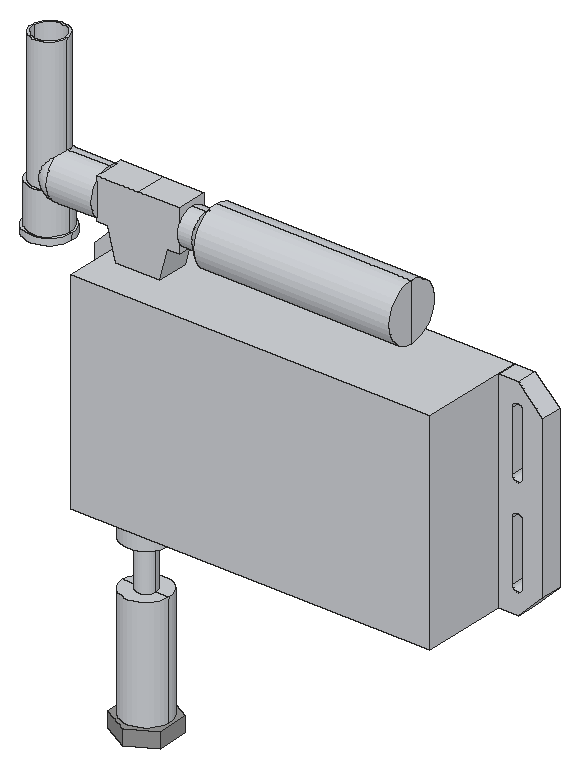
Revit family "MI-300-WHA-D", category Plumbing Fixtures, Revit 2024
Family settings
  Round Connector Dimension = Use Diameter
  Part Type = Normal
  OmniClass Number = 23.45.00.00
  OmniClass Title = Sanitary, Laundry, and Cleaning Equipment
  Work Plane-Based = No
  Enable Cutting in Views = No
  Always vertical = Yes
  Cut with Voids When Loaded = No
  Maintain Annotation Orientation = No
  Shared = No
  Room Calculation Point = No
Parameters
  md [instance] = 0' - 1.06"
  h1 [instance] = 0' - 4.56"
  MID [instance] = 0' - 0.72"
  LL [instance] = 0' - 5"
  L1 [instance] = 1' - 2.98611"
  L [instance] = 0' - 3.2"
  H1 = 1' - 0.88"
  H [instance] = 0' - 5"
  Default Elevation = 0' - 0"
  DD [instance] = 0' - 0.734"
  Body Material = Brass
  A [instance] = 0' - 3.91"
Reference planes (in)
  plane 1 "Center (Front/Back)": y = -10.84158
  plane 2: z = 0
  plane 3 "Center (Left/Right)": x = 0
  plane 4: y = 4.14453
  plane 5: y = 6.28125
  plane 6: x = 3.91
  plane 7: x = -3.91
  plane 8: z = 2.28125
  plane 9: z = -2.27875
  plane 10: x = -3.176
  plane 11: z = -6.83875
  plane 12: z = 3.34125
  plane 13: y = -10.84158
  plane 14: x = -5.30491
  plane 15: z = 6.04125
Forms (in)
  Extrusion 1, solid
    sketch origin (0, 0, 0) x (1, 0, 0) y (0, 0, 1)
      loop
        line (-3.91, 2.28125) -> (-3.91, -2.27875) -> (3.91, -2.27875) -> (3.91, 2.28125) -> (-3.91, 2.28125)
    from 9.68316 to 12
  Extrusion 2, solid
    sketch origin (-0.01139, 1.86891, 0) x (1, 0, 0) y (0, 0, 1)
      loop
        line (-3.91, 2.28125) -> (-4.34542, 2.28125) -> (-4.87721, 1.74946) -> (-4.87721, -1.74946) -> (-4.34542, -2.28125) -> (-3.91, -2.28125) -> (-3.91, 2.28125)
      loop
        line (-4.44353, 1.74219) -> (-4.44353, 0.43605)
        arc (-4.44353, 0.43605) -> (-4.32513, 0.31766) -> (-4.20674, 0.43605) r 0.11839
        line (-4.20674, 0.43605) -> (-4.20674, 1.74219)
        arc (-4.20674, 1.74219) -> (-4.32513, 1.86059) -> (-4.44353, 1.74219) r 0.11839
      loop
        arc (-4.44353, -1.71161) -> (-4.32513, -1.83001) -> (-4.20674, -1.71161) r 0.11839
        line (-4.20674, -1.71161) -> (-4.20674, -0.40797)
        arc (-4.20674, -0.40797) -> (-4.32513, -0.28958) -> (-4.44353, -0.40797) r 0.11839
        line (-4.44353, -0.40797) -> (-4.44353, -1.71161)
      loop
        line (3.93278, 2.28125) -> (3.93278, -2.28125) -> (4.3682, -2.28125) -> (4.89999, -1.74946) -> (4.89999, 1.74946) -> (4.3682, 2.28125) -> (3.93278, 2.28125)
      loop
        arc (4.4663, 1.74219) -> (4.34791, 1.86059) -> (4.22951, 1.74219) r 0.11839
        line (4.22951, 1.74219) -> (4.22951, 0.43605)
        arc (4.22951, 0.43605) -> (4.34791, 0.31766) -> (4.4663, 0.43605) r 0.11839
        line (4.4663, 0.43605) -> (4.4663, 1.74219)
      loop
        line (4.4663, -1.71161) -> (4.4663, -0.40797)
        arc (4.4663, -0.40797) -> (4.34791, -0.28958) -> (4.22951, -0.40797) r 0.11839
        line (4.22951, -0.40797) -> (4.22951, -1.71161)
        arc (4.22951, -1.71161) -> (4.34791, -1.83001) -> (4.4663, -1.71161) r 0.11839
    from 11.55207 to 12
  Revolve 3, solid
    sketch origin (0.00509, -10.86985, -0.03611) x (1, 0, 0) y (0, 0, 1)
      loop
        line (-3.676, -2.24264) -> (-3.676, -3.02875) -> (-3.38487, -3.02875) -> (-3.38487, -4.02875) -> (-3.676, -4.02875) -> (-3.676, -6.47153) -> (-3.176, -6.47153) -> (-3.176, -2.24264) -> (-3.676, -2.24264)
      axis (-3.176, -2.24264) -> (-3.176, -6.47153)
    angle from 0 to 360
  Extrusion 4, solid, material "Brass" <- "Body Material"
    sketch origin (-2.18025, -13.68926, 52.40983) x (1, 0, 0) y (0, 1, 0)
      loop
        line (-0.97975, 2.15931) -> (-0.41398, 2.48596) -> (-0.41398, 3.15584) -> (-0.97941, 3.4823) -> (-1.56076, 3.14665) -> (-1.56076, 2.49475) -> (-0.97975, 2.15931)
    from -59.25108 to -58.91998
  Extrusion 5, solid
    sketch origin (0.07989, 0.81684, 0) x (1, 0, 0) y (0, 0, 1)
      loop
        line (-3.176, 3.84) -> (-4.07989, 3.84) -> (-4.07989, 2.94244) -> (-3.82989, 2.94244) -> (-3.65312, 2.28125) -> (-2.69888, 2.28125) -> (-2.52211, 2.94244) -> (-2.27211, 2.94244) -> (-2.27211, 3.84) -> (-3.176, 3.84)
    from 11.3311 to 12
  Revolve 6, solid
    sketch origin (0.08705, -10.8602, 0.01061) x (1, 0, 0) y (0, 0, 1)
      loop
        line (-2.27211, 3.73216) -> (-2.27211, 3.34125) -> (2.51748, 3.34125) -> (2.51748, 3.95452) -> (-1.73252, 3.95452) -> (-1.95488, 3.73216) -> (-2.27211, 3.73216)
      axis (-2.27211, 3.34125) -> (2.51748, 3.34125)
    angle from 0 to 360
  Revolve 7, solid
    sketch origin (0, -10.84158, 0) x (1, 0, 0) y (0, 0, 1)
      loop
        line (-5.64416, 2.13996) -> (-5.30491, 2.13996) -> (-5.30491, 2.28125) -> (-5.64416, 2.28125) -> (-5.64416, 6.04125) -> (-5.68979, 6.04125) -> (-5.68979, 3.16801) -> (-5.75006, 3.16801) -> (-5.75006, 2.28125) -> (-5.80491, 2.28125) -> (-5.80491, 2.13996) -> (-5.64416, 2.13996)
      axis (-5.30491, 6.04125) -> (-5.30491, 2.13996)
    angle from 0 to 360
  Revolve 8, solid
    sketch origin (0.00798, -10.84158, 0.03418) x (1, 0, 0) y (0, 0, 1)
      loop
        arc (-4.98416, 3.83955) -> (-5.19139, 3.76556) -> (-5.30491, 3.57706) r 0.32721
        arc (-5.30491, 3.57706) -> (-5.31313, 3.4839) -> (-5.30061, 3.39122) r 0.42169
        line (-5.30061, 3.39122) -> (-4, 3.39122) -> (-4, 3.83955) -> (-4.98416, 3.83955)
      axis (-5.30491, 3.34125) -> (-4, 3.34125)
    angle from 0 to 360
Dimensions and locks (in)
  "L1": plane 4 to plane 1 "Center (Front/Back)"
  plane 5 to plane 1 "Center (Front/Back)" = 1' - 5.12283"
  equal spacing: plane 7, plane 3 "Center (Left/Right)", plane 6
  "A": plane 7 to plane 3 "Center (Left/Right)"
  "h1": plane 9 to plane 11
  locked: Revolve 3 to Revolve 3 at 1
  "DD": plane 7 to plane 10
  locked: plane 10 to plane 14 at 2.12891
  "H1": plane 15 to plane 11
  "md": plane 12 to plane 8
  "h1": plane 8 to plane 9
  aligned and locked: level to plane 2
  aligned and locked: plane 8 to Extrusion 1
  aligned and locked: plane 7 to Extrusion 1
  aligned and locked: plane 9 to Extrusion 1
  aligned and locked: plane 6 to Extrusion 1
  aligned and locked: Extrusion 2 to Extrusion 1
  aligned and locked: Revolve 7 to plane 8
  aligned and locked: Revolve 7 to plane 15
Automatic sketch dimensions
  plane 7 to Extrusion 1 sketch curve = 0' - 0"
  Extrusion 1 sketch curve to plane 6 = 0' - 0"
  Extrusion 1 sketch curve to plane 9 = 0' - 0"
  Extrusion 1 sketch curve to plane 8 = 0' - 0"
  Revolve 3 sketch curve to plane 9 = 0' - 0"
  Revolve 3 sketch curve to plane 7 = 0' - 0.23909"  (x2)
  Revolve 3 sketch curve to plane 10 = 0' - 0.20378"
  plane 10 to Revolve 3 sketch curve = 0' - 0.00509"  (x2)
  Revolve 3 sketch curve to Revolve 3 sketch curve = 0' - 0.78611"
  Revolve 3 sketch curve to Revolve 3 sketch curve = 0' - 1"
  Revolve 3 sketch curve to plane 11 = 0' - 0.33111"
  Revolve 3 sketch curve to Revolve 3 sketch curve = 0' - 0.03611"
  plane 11 to Revolve 3 sketch curve = 0' - 1.72611"
  Extrusion 4 sketch curve to plane 7 = 0' - 0.16899"
  plane 10 to Extrusion 4 sketch curve = 0' - 0.016"
  plane 10 to Extrusion 4 sketch curve = 0' - 0.01634"
  plane 10 to Extrusion 4 sketch curve = 0' - 0.58177"
  plane 1 "Center (Front/Back)" to Extrusion 4 sketch curve = 0' - 0.68837"
  plane 1 "Center (Front/Back)" to Extrusion 4 sketch curve = 0' - 0.36172"
  plane 1 "Center (Front/Back)" to Extrusion 4 sketch curve = 0' - 0.35293"
  Extrusion 4 sketch curve to plane 1 "Center (Front/Back)" = 0' - 0.29897"
  Extrusion 4 sketch curve to plane 1 "Center (Front/Back)" = 0' - 0.30816"
  Extrusion 4 sketch curve to plane 1 "Center (Front/Back)" = 0' - 0.63462"
  Extrusion 5 sketch curve to plane 8 = 0' - 0"
  plane 7 to Extrusion 5 sketch curve = 0' - 0.09"
  Extrusion 5 sketch curve to plane 7 = 0' - 0.16"
  Extrusion 5 sketch curve to plane 7 = 0' - 0.33678"
  plane 10 to Extrusion 5 sketch curve = 0' - 0.07989"
  plane 10 to Extrusion 5 sketch curve = 0' - 0.55701"
  Extrusion 5 sketch curve to Extrusion 5 sketch curve = 0' - 0.17678"
  Extrusion 5 sketch curve to Extrusion 5 sketch curve = 0' - 0.90389"
  Extrusion 5 sketch curve to plane 12 = 0' - 0.39881"  (x2)
  plane 12 to Extrusion 5 sketch curve = 0' - 0.49875"
  plane 12 to Revolve 6 sketch curve = 0' - 0.40152"
  plane 10 to Revolve 6 sketch curve = 0' - 0.99095"
  Revolve 6 sketch curve to Revolve 6 sketch curve = 0' - 0.31723"
  plane 12 to Revolve 6 sketch curve = 0' - 0.62388"
  Revolve 6 sketch curve to Revolve 6 sketch curve = 0' - 0.22236"
  Revolve 6 sketch curve to plane 6 = 0' - 1.30546"
  plane 12 to Revolve 6 sketch curve = 0' - 0.01061"  (x2)
  Revolve 6 sketch curve to Revolve 6 sketch curve = 0' - 0"
  Revolve 6 sketch curve to Revolve 6 sketch curve = 0' - 1.03959"
  Revolve 7 sketch curve to plane 8 = 0' - 0"  (x2)
  Revolve 7 sketch curve to plane 15 = 0' - 0"
  plane 14 to Revolve 7 sketch curve = 0' - 0"  (x2)
  Revolve 7 sketch curve to plane 8 = 0' - 0.14129"
  plane 14 to Revolve 7 sketch curve = 0' - 0.33925"
  Revolve 7 sketch curve to Revolve 7 sketch curve = 0' - 0"
  Revolve 7 sketch curve to Revolve 7 sketch curve = 0' - 0.04563"
  Revolve 7 sketch curve to Revolve 7 sketch curve = 0' - 0.06027"
  Revolve 7 sketch curve to Revolve 7 sketch curve = 0' - 0.05485"
  Revolve 7 sketch curve to plane 12 = 0' - 0.17324"
  plane 12 to Revolve 7 sketch curve = 0' - 0.96976"
  plane 15 to Revolve 7 sketch curve = 0' - 0.02226"
  Revolve 8 sketch curve to plane 14 = 0' - 0.00798"  (x2)
  Revolve 8 sketch curve to plane 14 = 0' - 0.01227"
  plane 12 to Revolve 8 sketch curve = 0' - 0.20526"
  Revolve 8 sketch curve to plane 14 = 0' - 0.32872"
  Revolve 8 sketch curve to Revolve 8 sketch curve = 0' - 0.09262"
  plane 7 to Revolve 8 sketch curve = 0' - 0 21/256"
  Revolve 8 sketch curve to Revolve 8 sketch curve = 0' - 0.01869"
  plane 12 to Revolve 8 sketch curve = 0' - 0.03418"
  Revolve 8 sketch curve to Revolve 8 sketch curve = 0' - 0.03764"
  Revolve 8 sketch curve to Revolve 8 sketch curve = 0' - 0"
  Extrusion 2 sketch curve to plane 8 = 0' - 0"  (x2)
  Extrusion 2 sketch curve to plane 14 = 0' - 0.41631"
  Extrusion 2 sketch curve to Extrusion 2 sketch curve = 0' - 0.43368"  (x2)
  plane 7 to Extrusion 2 sketch curve = 0' - 0.54491"
  plane 7 to Extrusion 2 sketch curve = 0' - 0.44681"  (x2)
  plane 9 to Extrusion 2 sketch curve = 0' - 0.0025"  (x2)
  Extrusion 2 sketch curve to Extrusion 2 sketch curve = 0' - 0.11839"  (x4)
  plane 7 to Extrusion 2 sketch curve = 0' - 0.01139"
  plane 6 to Extrusion 2 sketch curve = 0' - 0.01139"
  plane 6 to Extrusion 2 sketch curve = 0' - 0.30813"  (x2)
  Extrusion 2 sketch curve to Extrusion 2 sketch curve = 0' - 0.43542"  (x2)
  Extrusion 2 sketch curve to plane 9 = 0' - 0.52929"  (x2)
  Extrusion 2 sketch curve to Extrusion 2 sketch curve = 0' - 0.03785"  (x2)
  Extrusion 2 sketch curve to level = 0' - 0.40797"  (x2)
  level to Extrusion 2 sketch curve = 0' - 0.43605"  (x2)
  Extrusion 2 sketch curve to plane 8 = 0' - 0 69/128"  (x2)
  Extrusion 2 sketch curve to Extrusion 2 sketch curve = 0' - 0.00727"  (x2)
